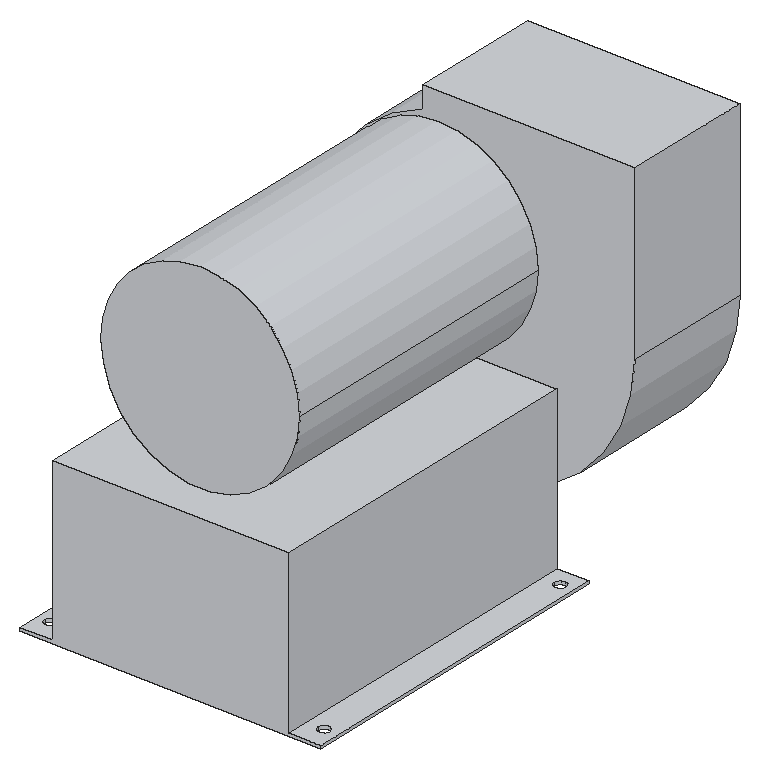
Revit family "CPFD_CCW_UBD", category Mechanical Equipment, Revit 2019
Family settings
  Round Connector Dimension = Use Radius
  Part Type = Normal
  Work Plane-Based = No
  Always vertical = Yes
  Cut with Voids When Loaded = No
  Shared = No
  Room Calculation Point = No
Parameters (values of type "9_CPFD_CCW_UBD")
  Unit Weight [instance] = ""
  T_SQ/2 = T_SQ / 2  # 1' - 4"
  T_SQ = 2' - 8"
  Sones [instance] = ""
  SPACE = 0' - 2"
  Q = 0' - 0 3/4"
  P/6 = P / 6  # 0' - 1 1/2"
  P/2 = P / 2  # 0' - 4 1/2"
  P = 0' - 9"
  N/2 = N / 2  # 0' - 0 9/32"
  N = 0' - 0 9/16"
  Motor RPM [instance] = ""
  Motor Enclosure [instance] = ""
  M = 0' - 4 5/8"
  LwA [instance] = ""
  L = 0' - 7 5/8"
  K = 0' - 1"
  J = 1' - 1 3/4"
  H/2 = H / 2  # 0' - 6 3/8"
  H-1.5" = H - 0' 1 1/2"  # 0' - 11 1/4"
  H = 1' - 0 3/4"
  G-1" = G - 0' 1"  # 0' - 6"
  G = 0' - 7"
  Fan RPM [instance] = ""
  F+1.25" = -(F + 0' 1 1/4")  # -0' - 7 1/8"
  F+.25" = -(F + 0' 0 1/4")  # -0' - 6 1/8"
  F = 0' - 5 7/8"
  E+.25" = E + 0' 0 1/4"  # 0' - 10 1/8"
  E = 0' - 9 7/8"
  D = 0' - 11 1/8"
  C/2 = C / 2  # 0' - 9 1/16"
  C = 1' - 6 1/8"
  B/2 = B / 2  # 0' - 10 7/8"
  B-F-2" = B - F - 0' 2"  # 1' - 1 7/8"
  B-F-.25" = B - F - 0' 0 1/4"  # 1' - 3 5/8"
  B = 1' - 9 3/4"
  Accessories [instance] = ""
  A/2 = A / 2  # 0' - 7"
  A = 1' - 2"
  3" = 0' - 3"  # constant formula
  Brake Hp [instance] = ""
  4" = 0' - 4"  # constant formula
  2' = 2' - 0"
  2" = 0' - 2"  # constant formula
  1" = 0' - 1"  # constant formula
  0 = 0' - 0"  # constant formula
  Voltage [instance] = 0 V
  URL = "www.lorencook.com"
  Type Comments = "Forward Curved Centrifugal Blower Direct Drive Counter-Clockwise Up Blast Arrangement 4"  # constant formula
  Static Pressure [instance] = 0.00 in-wg
  Power [instance] = Voltage * Motor FLA * sqrt(if(Phase = 3, 3, 1))  # 0 VA
  Phase [instance] = 0
  Number of Poles [instance] = 1
  Motor Hp [instance] = "0"
  Motor FLA [instance] = 0 A
  Model = "CPFD_CCW_UBD"  # constant formula
  Manufacturer = "Loren Cook Company"
  CFM [instance] = 0 CFM
  1.5 = 0' - 1 1/2"  # constant formula
  ONE EIGTH = 0' - 0 1/8"  # constant formula
  (P/2)-.125" = (P / 2) - 0' 0 1/8"  # 0' - 4 3/8"
Types (6): name | SPACE | Q | P/6 | P/2 | P | N/2 | N | M | L | J | H/2 | H-1.5" | H | G-1" | G | F+1.25" | F+.25" | F | E+.25" | E | D | C/2 | C | B/2 | B-F-2" | B-F-.25" | B | A/2 | A | (P/2)-.125"
  (no name) | 0' - 2" | 0' - 0 3/4" | 0' - 1 1/2" | 0' - 4 1/2" | 0' - 9" | 0' - 0 9/32" | 0' - 0 9/16" | 0' - 4 5/8" | 0' - 7 5/8" | 1' - 1 3/4" | 0' - 6 3/8" | 0' - 11 1/4" | 1' - 0 3/4" | 0' - 6" | 0' - 7" | -0' - 7 1/8" | -0' - 6 1/8" | 0' - 5 7/8" | 0' - 10 1/8" | 0' - 9 7/8" | 0' - 11 1/8" | 0' - 9 1/16" | 1' - 6 1/8" | 0' - 10 7/8" | 1' - 1 7/8" | 1' - 3 5/8" | 1' - 9 3/4" | 0' - 7" | 1' - 2" | 0' - 4 3/8"
  6_CPFD_CCW_UBD | 0' - 1 1/2" | 0' - 0 1/2" | 0' - 1.16667" | 0' - 3 1/2" | 0' - 7" | 0' - 0 7/32" | 0' - 0 7/16" | 0' - 3 5/8" | 0' - 4 5/8" | 0' - 10 3/4" | 0' - 6 1/4" | 0' - 11" | 1' - 0 1/2" | 0' - 4 3/4" | 0' - 5 3/4" | -0' - 5 7/8" | -0' - 4 7/8" | 0' - 4 5/8" | 0' - 8 1/8" | 0' - 7 7/8" | 0' - 8 1/8" | 0' - 6 15/16" | 1' - 1 7/8" | 0' - 9 1/4" | 0' - 11 7/8" | 1' - 1 5/8" | 1' - 6 1/2" | 0' - 6 3/4" | 1' - 1 1/2" | 0' - 3 3/8"
  7_CPFD_CCW_UBD | 0' - 1 1/2" | 0' - 0 5/8" | 0' - 1.16667" | 0' - 3 1/2" | 0' - 7" | 0' - 0 7/32" | 0' - 0 7/16" | 0' - 3 5/8" | 0' - 7 1/8" | 1' - 0 1/4" | 0' - 6 1/4" | 0' - 11" | 1' - 0 1/2" | 0' - 5 1/8" | 0' - 6 1/8" | -0' - 6 5/8" | -0' - 5 5/8" | 0' - 5 3/8" | 0' - 8 5/8" | 0' - 8 3/8" | 0' - 10 1/8" | 0' - 8 3/8" | 1' - 4 3/4" | 0' - 10 1/8" | 1' - 0 7/8" | 1' - 2 5/8" | 1' - 8 1/4" | 0' - 6 3/4" | 1' - 1 1/2" | 0' - 3 3/8"
  9_CPFD_CCW_UBD | 0' - 2" | 0' - 0 3/4" | 0' - 1 1/2" | 0' - 4 1/2" | 0' - 9" | 0' - 0 9/32" | 0' - 0 9/16" | 0' - 4 5/8" | 0' - 7 5/8" | 1' - 1 3/4" | 0' - 6 3/8" | 0' - 11 1/4" | 1' - 0 3/4" | 0' - 6" | 0' - 7" | -0' - 7 1/8" | -0' - 6 1/8" | 0' - 5 7/8" | 0' - 10 1/8" | 0' - 9 7/8" | 0' - 11 1/8" | 0' - 9 1/16" | 1' - 6 1/8" | 0' - 10 7/8" | 1' - 1 7/8" | 1' - 3 5/8" | 1' - 9 3/4" | 0' - 7" | 1' - 2" | 0' - 4 3/8"
  10_CPFD_CCW_UBD | 0' - 1 1/2" | 0' - 1 1/16" | 0' - 1 1/2" | 0' - 4 1/2" | 0' - 9" | 0' - 0 9/32" | 0' - 0 9/16" | 0' - 4 5/8" | 0' - 9 7/8" | 1' - 1 3/4" | 0' - 7 1/8" | 1' - 0 3/4" | 1' - 2 1/4" | 0' - 7" | 0' - 8" | -0' - 7 5/8" | -0' - 6 5/8" | 0' - 6 3/8" | 0' - 11 5/8" | 0' - 11 3/8" | 1' - 2 3/8" | 0' - 11 3/16" | 1' - 10 3/8" | 0' - 11 1/8" | 1' - 1 7/8" | 1' - 3 5/8" | 1' - 10 1/4" | 0' - 7 3/4" | 1' - 3 1/2" | 0' - 4 3/8"
  12_CPFD_CCW_UBD | 0' - 2 1/2" | 0' - 1" | 0' - 2.08333" | 0' - 6 1/4" | 1' - 0 1/2" | 0' - 0 9/32" | 0' - 0 9/16" | 0' - 4 5/8" | 0' - 9 7/8" | 1' - 2 1/4" | 0' - 7 7/8" | 1' - 2 1/4" | 1' - 3 3/4" | 0' - 8" | 0' - 9" | -0' - 7 1/8" | -0' - 6 1/8" | 0' - 5 7/8" | 1' - 1 5/8" | 1' - 1 3/8" | 1' - 2 3/8" | 0' - 11 3/16" | 1' - 10 3/8" | 0' - 11 3/8" | 1' - 2 7/8" | 1' - 4 5/8" | 1' - 10 3/4" | 0' - 8 1/2" | 1' - 5" | 0' - 6 1/8"
Reference planes (in)
  plane 1 "Center (Front/Back)": y = 0
  plane 2: z = 0
  plane 3 "Center (Left/Right)": x = 0.40541
Forms (in)
  Extrusion 1, solid
    sketch origin (0, 0, 0) x (1, 0, 0) y (0, 0, 1)
      loop
        line (-6.59459, 0) -> (7.40541, 0) -> (7.40541, 0.125) -> (5.90541, 0.125) -> (5.90541, 7.625) -> (-5.09459, 7.625) -> (-5.09459, 0.125) -> (-6.59459, 0.125) -> (-6.59459, 0)
    from 0 to 15.625 <- "B-F-.25""
  Extrusion 2, solid
    sketch origin (0, 0, 0) x (1, 0, 0) y (0, 0, 1)
      loop
        circle (0.40541, 12.25) r 4.625
    from 0 to 13.875 <- "B-F-2""
  Extrusion 3, solid
    sketch origin (0, 0, 0) x (1, 0, 0) y (0, 0, 1)
      loop
        circle (0.40541, 11.125) r 4.5
      loop
        circle (0.40541, 11.125) r 4.375
    from -7.125 <- "F+1.25"" to -6.125 <- "F+.25""
  Extrusion 4, void
    sketch origin (0, 0, 0) x (1, 0, 0) y (0, 1, 0)
      loop
        circle (-5.96959, -14.625) r 0.28125
      loop
        circle (-5.96959, -0.875) r 0.28125
      loop
        circle (6.78041, -14.625) r 0.28125
      loop
        circle (6.78041, -0.875) r 0.28125
    from 0 to 0.125
  Extrusion 5, solid
    sketch origin (0, 0, 0) x (1, 0, 0) y (0, 0, 1)
      loop
        line (-0.34459, 18.125) -> (-0.34459, 17.125)
        arc (-0.34459, 17.125) -> (-2.21913, 4.03834) -> (9.53041, 10.09827) r 7.4375
        line (9.53041, 10.09827) -> (9.53041, 18.125) -> (-0.34459, 18.125)
    from 0 to -6.125 <- "F+.25""
  Revolve 6, void
    sketch origin (0.40541, 0, 0) x (0, 1, 0) y (0, 0, 1)
      loop
        arc (6.125, 15.5) -> (5.68566, 14.43934) -> (4.625, 14) r 1.5
        line (4.625, 14) -> (4.625, 11.125) -> (6.125, 11.125) -> (6.125, 15.5)
      axis (4.625, 11.125) -> (6.125, 11.125)
    angle from 0 to 360
Cuts and joins
  Extrusion 4 cuts Extrusion 1
  Revolve 6 cuts Extrusion 3
  Revolve 6 cuts Extrusion 5
Dimensions and locks (in)
  "A/2": plane 3 "Center (Left/Right)" to Extrusion 1 sketch curve
  "A/2": Extrusion 1 sketch curve to plane 3 "Center (Left/Right)"
  "1.5": Extrusion 1 sketch curve to Extrusion 1 sketch curve  (x2)
  "L": Extrusion 1 sketch curve to level
  "ONE EIGTH": Extrusion 1 sketch curve to Extrusion 1 sketch curve  (x2)
  "0": Extrusion 2 sketch curve to Extrusion 1
  "0": Extrusion 2 sketch curve to plane 3 "Center (Left/Right)"
  "M": Extrusion 2 sketch curve to Extrusion 1
  "0": Extrusion 3 sketch curve to plane 3 "Center (Left/Right)"  (x2)
  "K": Extrusion 1 to Extrusion 4 sketch curve  (x2)
  "J": Extrusion 4 sketch curve to Extrusion 4 sketch curve  (x2)
  "H/2": Extrusion 4 sketch curve to plane 3 "Center (Left/Right)"  (x4)
  locked: Extrusion 3 sketch curve to Extrusion 3 sketch curve
  "D": Extrusion 3 sketch curve to level
  "D": Revolve 6 sketch curve to level
  "0": Revolve 6 sketch curve to Revolve 6 sketch curve
  "P/6": Extrusion 5 to Revolve 6 sketch curve
  "(P/2)-.125"": Revolve 6 sketch curve to Revolve 6 sketch curve
  "E": Extrusion 5 sketch curve to Extrusion 5 sketch curve
  "Q": plane 3 "Center (Left/Right)" to Extrusion 5 sketch curve
  "C": level to Extrusion 5 sketch curve
  "1"": Extrusion 5 sketch curve to Extrusion 5 sketch curve
  "P/2": radius of Extrusion 3 sketch curve
  "(P/2)-.125"": radius of Extrusion 3 sketch curve
  "N/2": radius of Extrusion 4 sketch curve  (x4)
  "P/6": radius of Revolve 6 sketch curve
Automatic sketch dimensions
  Extrusion 1 sketch curve to level = 0' - 0"
  Revolve 6 sketch curve to Revolve 6 sketch curve = 0' - 0"
  Revolve 6 sketch curve to Revolve 6 sketch curve = 0' - 2 3/4"
  plane 3 "Center (Left/Right)" to Extrusion 5 sketch curve = 0' - 1 11/16"
Connectors (in)
  electrical at (0.40541, -13.875, 12.25)
    settings: on Extrusion 2, index 1, voltage 0 V, apparent load 0 VA, apparent load phase1 0 VA, apparent load phase2 0 VA, apparent load phase3 0 VA, power factor 1, load classification "Other", number of poles 1, system type 30, power factor state 1, is connector primary yes, connector utility no, sub classification motor no, connector description ""
  hvac at (0.40541, 7.125, 11.125), driven by "P/2"
    settings: on Extrusion 3, index 4, duct flow 0 CFM, flow factor 0, pres drop 0.00 in-wg, loss coef 0, conn angle 0.00°, conn width 12", conn height 12", conn diameter 9", duct sys type 29, conn prof type 0, flow config 0, flow direction 1, loss method 0, conn ref index -1, conn util no, is conn primary yes, conn desc ""
  hvac at (4.59291, 3.0625, 18.125), driven by "F", driven by "E"
    settings: on cut or joined group of Extrusion 5, Revolve 6, index 5, duct flow 0 CFM, flow factor 0, pres drop 0.00 in-wg, loss coef 0, conn angle 0.00°, conn width 5 7/8", conn height 9 7/8", conn diameter 24", duct sys type 29, conn prof type 1, flow config 0, flow direction 2, loss method 0, conn ref index -1, conn util no, is conn primary no, conn desc ""
